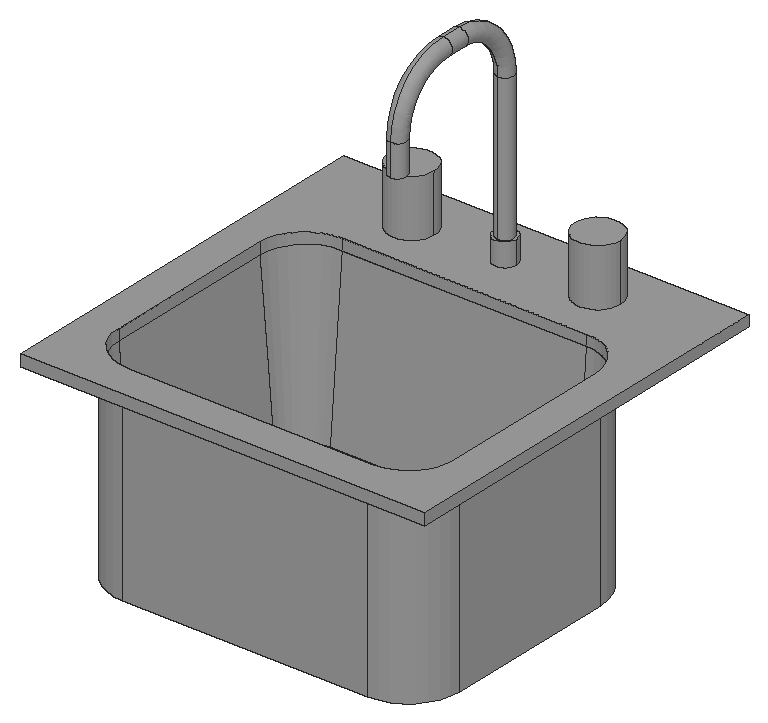
Revit family "Sink Kitchen-Island (NZ)", category 위생기구, Revit 2026
Family settings
  원형 커넥터 치수 = 지름 사용
  부품 유형 = 보통
  작업 기준면 기반 = 아니오
  뷰에서 절단 사용 = 아니오
  항상 수직 = 예
  로드될 때 보이드를 사용하여 절단 = 아니오
  주석 방향 유지 = 아니오
  공유 = 예
  룸 계산 점 = 아니오
Parameters (values of type "450 x 450mm")
  기본 높이 = 0.00 mm
  Counter Height = 900.00 mm
  Depth = 450.00 mm
  Fixture Material = Metal - Steel, Polished
  Sink Material = Metal - Steel, Polished
  Width = 450.00 mm
  Assembly Code = ""
Reference planes
  plane 1 "Center (Front/Back)": y = 2.345
  plane 2: z = 0
  plane 3 "Center (Left/Right)": x = 15.689
  plane 4: y = 227.345
  plane 5: y = -222.655
  plane 6: x = -209.311
  plane 7: x = 240.689
  plane 8 "Top Of Counter": z = 900
  plane 9: z = 912.7
  plane 10: z = 684.1
  plane 11: y = 113.045
  plane 12: x = -171.211
  plane 13: y = -184.555
  plane 14: x = 202.589
  plane 15: x = -85.911
  plane 16: x = 117.289
  plane 17: y = 170.195
  plane 18: y = 170.195
  plane 19: y = 170.195
  plane 20: z = 1163.525
  plane 21: y = 20.97
  plane 22: z = 976.2
  plane 23: z = 938.1
Forms (mm)
  Extrusion 1, solid, material "Metal - Steel, Polished" <- "Sink Material"
    sketch origin (0, 0, 0) x (1, 0, 0) y (0, 1, 0)
      loop
        line (-209.311, 227.345) -> (-209.311, -222.655) -> (240.689, -222.655) -> (240.689, 227.345) -> (-209.311, 227.345)
      loop
        arc (-120.411, 113.045) -> (-156.332, 98.166) -> (-171.211, 62.245) r 50.8
        line (-171.211, 62.245) -> (-171.211, -133.755)
        arc (-171.211, -133.755) -> (-156.332, -169.676) -> (-120.411, -184.555) r 50.8
        line (-120.411, -184.555) -> (151.789, -184.555)
        arc (151.789, -184.555) -> (187.71, -169.676) -> (202.589, -133.755) r 50.8
        line (202.589, -133.755) -> (202.589, 62.245)
        arc (202.589, 62.245) -> (187.71, 98.166) -> (151.789, 113.045) r 50.8
        line (151.789, 113.045) -> (-120.411, 113.045)
    from 900 to 912.7
  Sweep 2, solid, material "Metal - Steel, Polished" <- "Sink Material"
    path origin (0, 0, 0) x (1, 0, 0) y (0, 1, 0)
      loop
        arc (-120.411, 113.045) -> (-156.332, 98.166) -> (-171.211, 62.245) r 50.8
        line (-171.211, 62.245) -> (-171.211, -133.755)
        arc (-171.211, -133.755) -> (-156.332, -169.676) -> (-120.411, -184.555) r 50.8
        line (-120.411, -184.555) -> (151.789, -184.555)
        arc (151.789, -184.555) -> (187.71, -169.676) -> (202.589, -133.755) r 50.8
        line (202.589, -133.755) -> (202.589, 62.245)
        arc (202.589, 62.245) -> (187.71, 98.166) -> (151.789, 113.045) r 50.8
        line (151.789, 113.045) -> (-120.411, 113.045)
    profile origin (15.689, 0, 0) x (0, 1, 0) y (0, 0, 1)
      loop
        line (113.045, 900) -> (96.511, 711.015)
        arc (96.511, 711.015) -> (90.404, 698.63) -> (77.534, 693.625) r 19.05
        line (77.534, 693.625) -> (74.945, 693.625) -> (74.945, 684.1) -> (119.395, 684.1) -> (119.395, 900) -> (113.045, 900)
  Extrusion 3, solid, material "Metal - Steel, Polished" <- "Sink Material"
    sketch origin (0, 0, 0) x (1, 0, 0) y (0, 1, 0)
      loop
        arc (-120.411, 74.945) -> (-129.391, 71.226) -> (-133.111, 62.245) r 12.7
        line (-133.111, 62.245) -> (-133.111, -133.755)
        arc (-133.111, -133.755) -> (-129.391, -142.735) -> (-120.411, -146.455) r 12.7
        line (-120.411, -146.455) -> (151.789, -146.455)
        arc (151.789, -146.455) -> (160.769, -142.735) -> (164.489, -133.755) r 12.7
        line (164.489, -133.755) -> (164.489, 62.245)
        arc (164.489, 62.245) -> (160.769, 71.226) -> (151.789, 74.945) r 12.7
        line (151.789, 74.945) -> (-120.411, 74.945)
      loop
        circle (15.689, 0) r 25.4
    from 684.1 to 693.625
  Extrusion 4, solid, material "Metal - Steel, Polished" <- "Fixture Material"
    sketch origin (0, 0, 0) x (1, 0, 0) y (0, 1, 0)
      loop
        circle (-85.911, 167.117) r 25.4
      loop
        circle (117.289, 172.313) r 25.4
    from 912.7 to 976.2
  Sweep 5, solid, material "Metal - Steel, Polished" <- "Fixture Material"
    path origin (15.689, 0, 0) x (0, 1, 0) y (0, 0, 1)
      loop
        line (170.195, 912.7) -> (170.195, 1100.025)
        arc (170.195, 1100.025) -> (151.597, 1144.926) -> (106.695, 1163.525) r 63.5
        line (106.695, 1163.525) -> (84.47, 1163.525)
        arc (84.47, 1163.525) -> (39.569, 1144.926) -> (20.97, 1100.025) r 63.5
        line (20.97, 1100.025) -> (20.97, 1065.1)
    profile origin (15.689, 0, 1006.363) x (0, -1, 0) y (1, 0, 0)
      loop
        circle (-170.195, 0) r 9.525
  Extrusion 6, solid, material "Metal - Steel, Polished" <- "Fixture Material"
    sketch origin (0, 0, 0) x (1, 0, 0) y (0, 1, 0)
      loop
        circle (15.689, 170.195) r 12.7
    from 912.7 to 938.1
Cuts and joins
  joined: Sweep 5, Extrusion 6
  joined: Sweep 2, Extrusion 3
Lines and regions (mm)
  symbolic lines
    curve 1: line (240.689, 227.345, 0) -> (-209.311, 227.345, 0)
    curve 2: line (240.689, -222.655, 0) -> (240.689, 227.345, 0)
    curve 3: line (-209.311, -222.655, 0) -> (240.689, -222.655, 0)
    curve 4: line (-209.311, 227.345, 0) -> (-209.311, -222.655, 0)
    curve 5: arc (41.089, 0, 0) -> (15.689, 25.4, 0) -> (-9.711, 0, 0) r 25.4
    curve 6: arc (-9.711, 0, 0) -> (15.689, -25.4, 0) -> (41.089, 0, 0) r 25.4
    curve 7: line (-171.211, 62.245, 0) -> (-171.211, -133.755, 0)
    curve 8: line (-120.411, -184.555, 0) -> (151.789, -184.555, 0)
    curve 9: line (202.589, -133.755, 0) -> (202.589, 62.245, 0)
    curve 10: line (151.789, 113.045, 0) -> (28.389, 113.045, 0)
    curve 11: arc (202.589, 62.245, 0) -> (187.71, 98.166, 0) -> (151.789, 113.045, 0) r 50.8
    curve 12: arc (151.789, -184.555, 0) -> (187.71, -169.676, 0) -> (202.589, -133.755, 0) r 50.8
    curve 13: arc (-171.211, -133.755, 0) -> (-156.332, -169.676, 0) -> (-120.411, -184.555, 0) r 50.8
    curve 14: arc (-120.411, 113.045, 0) -> (-156.332, 98.166, 0) -> (-171.211, 62.245, 0) r 50.8
    curve 15: arc (-60.511, 167.117, 0) -> (-85.911, 192.517, 0) -> (-111.311, 167.117, 0) r 25.4
    curve 16: arc (142.689, 172.313, 0) -> (117.289, 197.713, 0) -> (91.889, 172.313, 0) r 25.4
    curve 17: arc (-111.311, 167.117, 0) -> (-85.911, 141.717, 0) -> (-60.511, 167.117, 0) r 25.4
    curve 18: arc (91.889, 172.313, 0) -> (117.289, 146.913, 0) -> (142.689, 172.313, 0) r 25.4
    curve 19: arc (28.389, 170.195, 0) -> (15.689, 182.895, 0) -> (2.989, 170.195, 0) r 12.7
    curve 20: line (2.989, 170.195, 0) -> (2.989, 53.145, 0)
    curve 21: line (28.389, 170.195, 0) -> (28.389, 53.145, 0)
    curve 22: arc (28.389, 53.145, 0) -> (15.689, 40.445, 0) -> (2.989, 53.145, 0) r 12.7
    curve 23: line (2.989, 113.045, 0) -> (-120.411, 113.045, 0)
Dimensions and locks
  equal spacing: plane 6, plane 3 "Center (Left/Right)", plane 7
  "Width": plane 6 to plane 7
  equal spacing: plane 5, plane 1 "Center (Front/Back)", plane 4
  "Depth": plane 5 to plane 4
  "Counter Height": plane 8 "Top Of Counter" to plane 2
  locked: plane 9 to plane 8 "Top Of Counter" at 12.7
  locked: plane 8 "Top Of Counter" to plane 10 at 215.9
  locked: plane 6 to plane 12 at 38.1
  locked: plane 14 to plane 7 at 38.1
  locked: plane 11 to plane 4 at 114.3
  locked: plane 5 to plane 13 at 38.1
  equal spacing: plane 11, plane 17, plane 4
  equal spacing: plane 11, plane 18, plane 4
  equal spacing: plane 4, plane 19, plane 11
  locked: plane 19 to plane 21 at 149.225
  locked: plane 20 to plane 9 at 250.825
  locked: plane 22 to plane 9 at 63.5
  locked: plane 23 to plane 9 at 25.4
  aligned and locked: Extrusion 1 sketch curve to plane 5
  aligned and locked: plane 7 to Extrusion 1 sketch curve
  aligned and locked: plane 4 to Extrusion 1 sketch curve
  aligned and locked: Extrusion 1 sketch curve to plane 6
  aligned and locked: plane 8 "Top Of Counter" to Extrusion 1
  aligned and locked: Extrusion 1 to plane 9
  aligned and locked: plane 11 to Extrusion 1 sketch curve
  aligned and locked: plane 14 to Extrusion 1 sketch curve
  aligned and locked: Extrusion 1 sketch curve to plane 12
  aligned and locked: Extrusion 1 sketch curve to plane 13
  aligned and locked: plane 11 to Sweep 2 sketch curve
  aligned and locked: plane 14 to Sweep 2 sketch curve
  aligned and locked: Sweep 2 sketch curve to plane 12
  aligned and locked: Sweep 2 sketch curve to plane 13
  aligned and locked: Sweep 2 to Extrusion 3 sketch curve  (x4)
  aligned and locked: Sweep 2 to Extrusion 3
  aligned and locked: plane 10 to Extrusion 3
  aligned and locked: Sweep 2 sketch curve to plane 10
  aligned and locked: plane 8 "Top Of Counter" to Sweep 2 sketch curve
  aligned and locked: Extrusion 4 to Extrusion 1
  aligned and locked: Extrusion 6 to Extrusion 1
  aligned and locked: Sweep 5 sketch curve to plane 19
  aligned and locked: plane 20 to Sweep 5 sketch curve
  aligned and locked: plane 21 to Sweep 5 sketch curve
  aligned and locked: Extrusion 4 to plane 22
  aligned and locked: Extrusion 6 to plane 23
Automatic sketch dimensions
  Sweep 2 sketch curve to plane 12 = 50.80 mm
  Sweep 2 sketch curve to Sweep 2 sketch curve = 50.80 mm
  plane 11 to Sweep 2 sketch curve = 50.80 mm
  plane 14 to Sweep 2 sketch curve = 50.80 mm
  Extrusion 1 sketch curve to plane 12 = 50.80 mm  (x2)
  plane 14 to Extrusion 1 sketch curve = 50.80 mm  (x2)
  Extrusion 3 sketch curve to plane 3 "Center (Left/Right)" = 0.00 mm
  Extrusion 3 sketch curve to Extrusion 3 sketch curve = 12.70 mm  (x4)
  plane 1 "Center (Front/Back)" to Extrusion 3 sketch curve = 2.345 mm
  Extrusion 3 sketch curve to plane 3 "Center (Left/Right)" = 25.40 mm
  Sweep 2 sketch curve to profile plane = 0.00 mm
  profile plane to Sweep 2 sketch curve = 16.534 mm
  Sweep 2 sketch curve to Sweep 2 sketch curve = 18.978 mm
  Sweep 2 sketch curve to Sweep 2 sketch curve = 2.588 mm
  Sweep 2 sketch curve to profile plane = 6.35 mm
  Sweep 2 sketch curve to Sweep 2 sketch curve = 9.525 mm
  Sweep 2 sketch curve to Sweep 2 sketch curve = 17.39 mm
  Extrusion 4 sketch curve to plane 15 = 0.00 mm
  Extrusion 4 sketch curve to plane 16 = 0.00 mm
  plane 17 to Extrusion 4 sketch curve = 3.079 mm
  plane 15 to Extrusion 4 sketch curve = 25.40 mm
  Extrusion 4 sketch curve to plane 17 = 2.118 mm
  plane 16 to Extrusion 4 sketch curve = 25.40 mm
  Sweep 5 sketch curve to plane 3 "Center (Left/Right)" = 0.00 mm
  Sweep 5 sketch curve to profile plane = 0.00 mm
  profile plane to Sweep 5 sketch curve = 9.525 mm
  Extrusion 6 sketch curve to plane 18 = 0.00 mm
  Extrusion 6 sketch curve to plane 3 "Center (Left/Right)" = 0.00 mm
  Extrusion 6 sketch curve to plane 3 "Center (Left/Right)" = 12.70 mm
  Sweep 5 sketch curve to plane 9 = 0.00 mm
  Sweep 5 sketch curve to Sweep 5 sketch curve = 63.50 mm
  plane 11 to Sweep 5 sketch curve = 6.35 mm
  Sweep 5 sketch curve to Sweep 5 sketch curve = 34.925 mm
  curve 1 to plane 4 = 0.00 mm
  curve 1 to plane 6 = 0.00 mm
  curve 7 to plane 12 = 0.00 mm
  curve 14 to plane 11 = 0.00 mm
  curve 8 to plane 13 = 0.00 mm
  curve 5 to plane 3 "Center (Left/Right)" = 0.00 mm
  curve 19 to plane 3 "Center (Left/Right)" = 0.00 mm
  curve 12 to plane 14 = 0.00 mm
  curve 1 to plane 7 = 0.00 mm
  curve 3 to plane 5 = 0.00 mm
  curve 7 to curve 13 = 50.80 mm
  curve 14 to plane 12 = 50.80 mm
  curve 15 to plane 3 "Center (Left/Right)" = 127.00 mm
  curve 15 to curve 17 = 25.40 mm
  plane 1 "Center (Front/Back)" to curve 5 = 2.345 mm
  curve 5 to plane 3 "Center (Left/Right)" = 25.40 mm
  curve 19 to curve 19 = 12.70 mm
  curve 19 to curve 18 = 63.50 mm
  curve 16 to curve 16 = 25.40 mm
  plane 14 to curve 12 = 50.80 mm
  plane 14 to curve 10 = 50.80 mm
  curve 22 to plane 1 "Center (Front/Back)" = 50.80 mm
  plane 4 to curve 17 = 60.229 mm
  plane 4 to curve 21 = 57.15 mm
  plane 4 to curve 16 = 55.032 mm
  curve 10 to plane 11 = 0.00 mm
